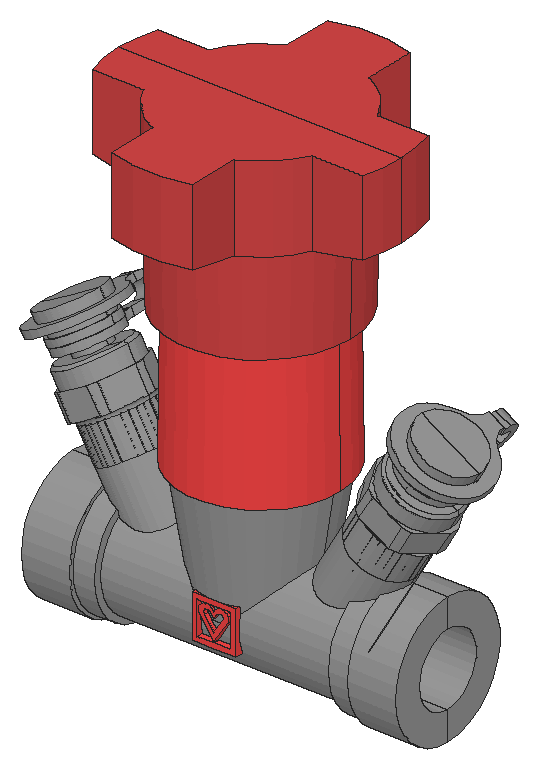
Revit family "HERZ Strömax полиамид, цвет маховика - зеленый 4217 GN", category Rohrzubehör, Revit 2021
Family settings
  Bemaßung runder Anschluss = Durchmesser verwenden
  Teiletyp = Unterbricht
  OmniClass-Nummer = 23.65.55.14
  OmniClass-Titel = Valves for Liquid Services
  Arbeitsebenenbasiert = Nein
  Immer vertikal = Ja
  Beim Laden mit Abzugskörper schneiden = Nein
  Gemeinsam genutzt = Nein
Parameters
  Шпиндель = "латунь CW617N"  # constant formula
  Уплотнение шпинделя = "EPDM"  # constant formula
  Среда = "Качество теплоносителя в соответствии с ÖNORM H5195 и VDI 2035.\r\nДопускается использование этилен- и пропиленгликоля в соотношении 25-50 % с водой."
  Положение клапана при монтаже = "Неподнимающийся шпиндель, расположенный перпендикулярно оси клапана, обеспечивает доступность и лёгкость в обслуживании в любом монтажном положении."
  Область применения = "Балансировочные клапаны применяются для гидравлической балансировки систем отопления и охлаждения, регулировки магистральных трубопроводов, стояков, теплообменников, регистров отопления и охлаждения."
  Номер заказа [instance] = size_lookup("4217_GN_", "Artnr", 0, Nennweite)  # 1421771
  Маховик = "полиамид, цвет маховика - красный"  # constant formula
  Макс. рабочее давление = 2500000.0 Pa  # constant formula
  Макс. рабочая температура (с DN40) = 110 °C  # constant formula
  Макс. рабочая температура (до DN32) = 130 °C  # constant formula
  Корпус = "латунь CW602N"  # constant formula
  Исполнение = "STRÖMAX-GN Балансировочный клапан с равнопроцентной пропускной характеристикой, с измерительными клапанами, 1/2′′ – 2′′.\r\nИсполнение с прямым невыдвижным шпинделем, муфта х муфта, латунный корпус без покрытия, уплотнение шпинделя двойным кольцевым уплотнением O-Ring, преднастройка посредством ограничения хода внутреннего шпинделя, шкала настройки находится на корпусе маховика.\r\nДва измерительных клапана расположены рядом с маховиком."
  Измерение перепада давления = "Клапаны STRÖMAX-GN оснащены двумя измерительными клапанами:\r\nс помощью измерительного прибора можно измерить перепад давления и по нему определить текущий расход в зависимости от степени преднастройки.\r\nHERZ Измерительный компьютер (1 8900 05) позволяет напрямую считывать расход (см. руководство к измерительным приборам)."
  Внутренняя резьба = "в соответствии с ISO 7/1"  # constant formula
  kvs-значения [instance] = if(Nennweite = 15.00 mm, 1.14, if(Nennweite = 20.00 mm, 2.38, if(Nennweite = 25.00 mm, 5.24, if(Nennweite = 32.00 mm, 8.6, if(Nennweite = 40.00 mm, 10.49, if(Nennweite = 50.00 mm, 16.78, 0))))))  # 1.14
  W02 = 60.00°  # constant formula
  W01 = 30.00°  # constant formula
  Vorgabe-Ansicht = 0.00 mm
  URL = "www.herz-armaturen.ru"
  SC_NennweiteBerechnet = 0
  SC_Dimension = ""
  SCRNSEQ = "ARM;ARM_TYP=\"STRV\";2"
  SCRNCODE = "05;07;02"  # constant formula
  S02 = 60.00 mm  # constant formula
  S01 [instance] = DN15_DN50  # 92.00 mm
  R01 [instance] = size_lookup("4217_GN_", "R1", 1.00 mm, Nennweite)  # 11.35 mm
  Nennweite [instance] = 15.00 mm
  ML02 [instance] = size_lookup("4217_GN_", "ML2", 1.00 mm, Nennweite)  # 29.70 mm
  ML01 [instance] = size_lookup("4217_GN_", "ML1", 1.00 mm, Nennweite)  # 15.15 mm
  MD01 = 7.40 mm  # constant formula
  L02 [instance] = size_lookup("4217_GN_", "L2", 1.00 mm, Nennweite)  # 10.00 mm
  L01 [instance] = size_lookup("4217_GN_", "L1", 1.00 mm, Nennweite)  # 14.70 mm
  L00 [instance] = size_lookup("4217_GN_", "L", 1.00 mm, Nennweite)  # 78.00 mm
  IG [instance] = Nennweite / 2  # 7.50 mm
  Hersteller = "HERZ Armaturen Ges.m.b.H."  # constant formula
  H01 = 41.50 mm  # constant formula
  H00 [instance] = size_lookup("4217_GN_", "H", 1.00 mm, Nennweite)  # 25.40 mm
  Вес [instance] = if(Nennweite = 15.00 mm, "0.50 kg", if(Nennweite = 20.00 mm, "0.58 kg", if(Nennweite = 25.00 mm, "0.81 kg", if(Nennweite = 32.00 mm, "1.2 kg", if(Nennweite = 40.00 mm, "1.37 kg", if(Nennweite = 50.00 mm, "2.06 kg", "0 kg"))))))  # "0.50 kg"
  GT [instance] = size_lookup("4217_GN_", "GT", 1.00 mm, Nennweite)  # 13.20 mm
  DN50 [instance] = Nennweite = 50.00 mm  # no
  DN40 [instance] = Nennweite = 40.00 mm  # no
  DN32 [instance] = Nennweite = 32.00 mm  # no
  DN25 [instance] = Nennweite = 25.00 mm  # no
  DN20 [instance] = Nennweite = 20.00 mm  # no
  DN15_DN50 [instance] = if(Nennweite = 15.00 mm, 92.00 mm, if(Nennweite = 20.00 mm, 95.00 mm, if(Nennweite = 25.00 mm, 102.00 mm, if(Nennweite = 32.00 mm, 114.00 mm, if(Nennweite = 40.00 mm, 114.00 mm, if(Nennweite = 50.00 mm, 119.00 mm, 0.00 mm))))))  # 92.00 mm
  DN15 [instance] = Nennweite = 15.00 mm  # yes
  D05 = 16.75 mm  # constant formula
  D04 = 16.25 mm  # constant formula
  D03 [instance] = size_lookup("4217_GN_", "D3", 1.00 mm, Nennweite)  # 15.50 mm
  D02 [instance] = size_lookup("4217_GN_", "D2", 1.00 mm, Nennweite)  # 13.50 mm
  D01 [instance] = size_lookup("4217_GN_", "D1", 1.00 mm, Nennweite)  # 12.70 mm
Reference planes
  plane 1 "Mitte (Vorne/hinten)": y = 0
  plane 2: z = 0
  plane 3 "Mitte (Links/rechts)": x = 0
Forms (mm)
  Revolve 1, solid, material "Messing, weicher Gelbton, geschweißt", detail levels fine
    sketch origin (0, 0, 0) x (1, 0, 0) y (0, 0, 1)
      loop
        line (-39, 13.5) -> (-39, 7.5) -> (-25.8, 7.5) -> (-25.8, 0) -> (25.8, 0) -> (25.8, 7.5) -> (39, 7.5) -> (39, 13.5) -> (29, 13.5) -> (29, 12.7) -> (24.3, 12.7) -> (24.3, 11.35) -> (-24.3, 11.35) -> (-24.3, 12.7) -> (-29, 12.7) -> (-29, 13.5) -> (-39, 13.5)
      axis (-39, 0) -> (39, 0)
    angle from 0 to 360
  Revolve 2, solid, material "Messing, weicher Gelbton, geschweißt", detail levels fine
    sketch origin (0, 0, 0) x (1, 0, 0) y (0, 0, 1)
      loop
        line (15.15, 0) -> (30, 25.721) -> (23.591, 29.421) -> (8.741, 3.7) -> (15.15, 0)
      axis (15.15, 0) -> (30, 25.721)
    angle from 0 to 360
  Revolve 3, solid, material "Messing, weicher Gelbton, geschweißt", detail levels fine
    sketch origin (0, 0, 0) x (-1, 0, 0) y (0, 0, 1)
      loop
        line (15.15, 0) -> (30, 25.721) -> (23.591, 29.421) -> (8.741, 3.7) -> (15.15, 0)
      axis (15.15, 0) -> (30, 25.721)
    angle from 0 to 360
  Revolve 4, solid, material "Messing, weicher Gelbton, geschweißt", detail levels fine
    sketch origin (0, 0, 0) x (1, 0, 0) y (0, 0, 1)
      loop
        line (0, 0) -> (0, 25.4) -> (-15.5, 25.4) -> (-11.35, 0) -> (0, 0)
      axis (0, 25.4) -> (0, 0)
    angle from 0 to 360
  Revolve 5, solid, material "Kunsstoff rot", detail levels fine
    sketch origin (0, 0, 0) x (1, 0, 0) y (0, 0, 1)
      loop
        line (0, 25.4) -> (0, 66.9) -> (-16.25, 66.9) -> (-16.75, 25.4) -> (0, 25.4)
      axis (0, 66.9) -> (0, 25.4)
    angle from 0 to 360
Lines and regions (mm)
  model lines, detail levels coarse+medium
    curve 1: line (-39, 0, 13.5) -> (-39, 0, -13.5)
    curve 2: line (-39, 0, -13.5) -> (39, 0, 13.5)
    curve 3: line (39, 0, 13.5) -> (39, 0, -13.5)
    curve 4: line (39, 0, -13.5) -> (-39, 0, 13.5)
    curve 5: line (0, 0, 0) -> (53.116, 0, 92)
    curve 6: line (27.135, 0, 107) -> (79.097, 0, 77)
    curve 7: line (-39, 13.5, 0) -> (-39, -13.5, 0)
    curve 8: line (-39, -13.5, 0) -> (39, 13.5, 0)
    curve 9: line (39, 13.5, 0) -> (39, -13.5, 0)
    curve 10: line (39, -13.5, 0) -> (-39, 13.5, 0)
    curve 11: line (0, 0, 0) -> (53.116, 92, 0)
    curve 12: line (27.135, 107, 0) -> (79.097, 77, 0)
Dimensions and locks
  "IG": Revolve 1 sketch curve to plane 2
  "GT": Revolve 1 sketch curve to Revolve 1 sketch curve  (x2)
  "IG": Revolve 1 sketch curve to Revolve 1 sketch curve
  "D01": Revolve 1 sketch curve to Revolve 1 sketch curve  (x2)
  "L02": Revolve 1 sketch curve to Revolve 1 sketch curve  (x2)
  "D02": Revolve 1 sketch curve to plane 2  (x2)
  equal spacing: Revolve 1 sketch curve, plane 3 "Mitte (Links/rechts)", Revolve 1 sketch curve
  "L00": Revolve 1 sketch curve to Revolve 1 sketch curve
  "R01": nested 1 to plane 1 "Mitte (Vorne/hinten)"
  "ML01": Revolve 2 sketch curve to plane 3 "Mitte (Links/rechts)"
  "ML02": Revolve 2 sketch curve to Revolve 2 sketch curve
  "MD01": Revolve 2 sketch curve to Revolve 2 sketch curve  (x2)
  "ML02": Revolve 3 sketch curve to Revolve 3 sketch curve
  "MD01": Revolve 3 sketch curve to Revolve 3 sketch curve  (x2)
  "ML01": plane 3 "Mitte (Links/rechts)" to Revolve 3 sketch curve
  "D02": curve 4 to plane 2 to curve 2
  "D02": curve 3 to plane 2 to curve 4
  equal spacing: curve 1, plane 3 "Mitte (Links/rechts)", curve 3
  "L00": curve 1 to curve 3
  equal spacing: Revolve 1, curve 5, Revolve 1
  "S01": curve 5 to plane 2
  equal spacing: curve 6, curve 5, curve 6
  "S02": curve 6 to curve 6
  "D02": curve 8 to plane 1 "Mitte (Vorne/hinten)" to curve 10
  "D02": curve 10 to plane 1 "Mitte (Vorne/hinten)" to curve 9
  equal spacing: curve 7, plane 3 "Mitte (Links/rechts)", curve 9
  "L00": curve 7 to curve 9
  equal spacing: curve 7, curve 11, curve 9
  "S01": plane 1 "Mitte (Vorne/hinten)" to curve 11
  equal spacing: curve 12, curve 11, curve 12
  "S02": curve 12 to curve 12
  "R01": Revolve 1 sketch curve to plane 2
  "H00": Revolve 4 sketch curve to plane 2
  "D03": Revolve 4 sketch curve to Revolve 4 sketch curve
  "R01": Revolve 4 sketch curve to Revolve 4 sketch curve
  "L01": Revolve 1 sketch curve to Revolve 1 sketch curve  (x2)
  "H01": Revolve 5 sketch curve to Revolve 5 sketch curve
  "H00": Revolve 5 sketch curve to plane 2
  "D04": Revolve 5 sketch curve to Revolve 5 sketch curve
  "D05": Revolve 5 sketch curve to Revolve 5 sketch curve
  "DN15_DN50": nested 14 to plane 2
  "W01": angle Revolve 2 sketch curve to plane 3 "Mitte (Links/rechts)"  (x2)
  "W01": angle plane 3 "Mitte (Links/rechts)" to Revolve 3 sketch curve  (x2)
  "W02": angle plane 2 to curve 5
  "W02": angle plane 1 "Mitte (Vorne/hinten)" to curve 11
  aligned and locked: level to plane 2
Automatic sketch dimensions
  Revolve 1 sketch curve to level = 0.00 mm  (x2)
  Revolve 1 sketch curve to Revolve 1 sketch curve = 1429.986 mm
  Revolve 1 sketch curve to Revolve 1 sketch curve = 1762.604 mm
  Revolve 2 sketch curve to level = 0.00 mm  (x2)
  Revolve 3 sketch curve to level = 0.00 mm  (x2)
  Revolve 4 sketch curve to level = 0.00 mm
  Revolve 4 sketch curve to plane 3 "Mitte (Links/rechts)" = 0.00 mm  (x2)
  Revolve 4 sketch curve to level = 366.045 mm
  Revolve 4 sketch curve to Revolve 4 sketch curve = 2188.915 mm
  Revolve 5 sketch curve to plane 3 "Mitte (Links/rechts)" = 0.00 mm  (x2)
  Revolve 5 sketch curve to level = 366.045 mm
  Revolve 5 sketch curve to Revolve 5 sketch curve = 2147.415 mm
Nested families
  nested 1: "Herz-Logo-vorne" at (0, -11.35, 0) x (0, 1, 0) z (0, 0, 1), type "Herz-Logo-vorne", detail levels fine
  nested 2: "Messstutzen_Band_Austritt_30Grad_(oben)" at (37.95, 0, 29.878), visible <- "DN50", type "Messstutzen_Band_Austritt_30Grad_(oben)", detail levels fine
    with Schutzkappe yes, Nennweite 0.00 mm, Gewicht 0.00 kg, Bestellnummer 0
  nested 3: "Messstutzen_Band_Eintritt_30Grad_(oben)" at (-37.95, 0, 29.878) x (-1, 0, 0) z (0, 0, 1), visible <- "DN50", type "Messstutzen_Band_Eintritt_30Grad_(oben)", detail levels fine
    with Schutzkappe yes, Nennweite 0.00 mm, Gewicht 0.00 kg, Bestellnummer 0
  nested 4: "Messstutzen_Band_Austritt_30Grad_(oben)" at (21.25, 0, 10.566), visible <- "DN15", type "Messstutzen_Band_Austritt_30Grad_(oben)", detail levels fine
    with Schutzkappe yes, Nennweite 0.00 mm, Gewicht 0.00 kg, Bestellnummer 0
  nested 5: "Messstutzen_Band_Eintritt_30Grad_(oben)" at (-21.25, 0, 10.566) x (-1, 0, 0) z (0, 0, 1), visible <- "DN15", type "Messstutzen_Band_Eintritt_30Grad_(oben)", detail levels fine
    with Schutzkappe yes, Nennweite 0.00 mm, Gewicht 0.00 kg, Bestellnummer 0
  nested 6: "Messstutzen_Band_Eintritt_30Grad_(oben)" at (-20.175, 0, 12.601) x (-1, 0, 0) z (0, 0, 1), visible <- "DN20", type "Messstutzen_Band_Eintritt_30Grad_(oben)", detail levels fine
    with Schutzkappe yes, Nennweite 0.00 mm, Gewicht 0.00 kg, Bestellnummer 0
  nested 7: "Messstutzen_Band_Austritt_30Grad_(oben)" at (20.175, 0, 12.601), visible <- "DN20", type "Messstutzen_Band_Austritt_30Grad_(oben)", detail levels fine
    with Schutzkappe yes, Nennweite 0.00 mm, Gewicht 0.00 kg, Bestellnummer 0
  nested 8: "Messstutzen_Band_Eintritt_30Grad_(oben)" at (-21.8, 0, 15.762) x (-1, 0, 0) z (0, 0, 1), visible <- "DN25", type "Messstutzen_Band_Eintritt_30Grad_(oben)", detail levels fine
    with Schutzkappe yes, Nennweite 0.00 mm, Gewicht 0.00 kg, Bestellnummer 0
  nested 9: "Messstutzen_Band_Austritt_30Grad_(oben)" at (21.8, 0, 15.762), visible <- "DN25", type "Messstutzen_Band_Austritt_30Grad_(oben)", detail levels fine
    with Schutzkappe yes, Nennweite 0.00 mm, Gewicht 0.00 kg, Bestellnummer 0
  nested 10: "Messstutzen_Band_Eintritt_30Grad_(oben)" at (-27.95, 0, 20.352) x (-1, 0, 0) z (0, 0, 1), visible <- "DN32", type "Messstutzen_Band_Eintritt_30Grad_(oben)", detail levels fine
    with Schutzkappe yes, Nennweite 0.00 mm, Gewicht 0.00 kg, Bestellnummer 0
  nested 11: "Messstutzen_Band_Austritt_30Grad_(oben)" at (27.95, 0, 20.352), visible <- "DN32", type "Messstutzen_Band_Austritt_30Grad_(oben)", detail levels fine
    with Schutzkappe yes, Nennweite 0.00 mm, Gewicht 0.00 kg, Bestellnummer 0
  nested 12: "Messstutzen_Band_Eintritt_30Grad_(oben)" at (-33.7, 0, 23.729) x (-1, 0, 0) z (0, 0, 1), visible <- "DN40", type "Messstutzen_Band_Eintritt_30Grad_(oben)", detail levels fine
    with Schutzkappe yes, Nennweite 0.00 mm, Gewicht 0.00 kg, Bestellnummer 0
  nested 13: "Messstutzen_Band_Austritt_30Grad_(oben)" at (33.7, 0, 23.729), visible <- "DN40", type "Messstutzen_Band_Austritt_30Grad_(oben)", detail levels fine
    with Schutzkappe yes, Nennweite 0.00 mm, Gewicht 0.00 kg, Bestellnummer 0
  nested 14: "Strangregulierventil-Handrad_(Rot) DN15-DN50" at (0, 0, 54.6), type "Strangregulierventil-Handrad_(Rot) DN15-DN50", detail levels fine
Connectors
  piping at (-25.8, 0, 0), diameter 15, driven by "Nennweite"
    settings: on Revolve 1, index 1, connector inside diameter 609.6 mm, connector length 0.00 mm, flow factor 0, pipe flow 0.0 L/s, pressure drop 0.0 Pa, fitting loss kfactor 0, connector angle 0.00°, fixture units 0, engagement length 0.00 mm, angle of deflection 0.00°, flow configuration 0, flow direction 1, fitting loss method 0, system type 29, joint type 0, gender type 0, connector reference index -1, connector utility 0, adjustable connector no, is connector primary yes, connector description ""
  piping at (25.8, 0, 0), diameter 15, driven by "Nennweite"
    settings: on Revolve 1, index 2, connector inside diameter 609.6 mm, connector length 0.00 mm, flow factor 0, pipe flow 0.0 L/s, pressure drop 0.0 Pa, fitting loss kfactor 0, connector angle 0.00°, fixture units 0, engagement length 0.00 mm, angle of deflection 0.00°, flow configuration 0, flow direction 2, fitting loss method 0, system type 29, joint type 0, gender type 0, connector reference index -1, connector utility 0, adjustable connector no, is connector primary no, connector description ""
Definition of nested family "Herz-Logo-vorne"
  Parameters (values of type "Herz-Logo-vorne")
    Default Elevation = 0.00 mm
  Reference planes
    plane 1 "Mitte (Vorne/hinten)": y = 0
    plane 2: z = 0
    plane 3 "Mitte (Links/rechts)": x = 0
  Forms (mm)
    Extrusion 1, solid
      sketch origin (0.732, -0.018, 0.017) x (0, -1, 0) y (0, 0, 1)
        loop
          line (-0.018, -4.517) -> (4.482, -4.517) -> (4.482, 4.483) -> (-4.518, 4.483) -> (-4.518, -4.517) -> (-0.018, -4.517)
        loop
          line (-0.05, -3.48) -> (3.482, -3.48) -> (3.482, 3.483) -> (-3.518, 3.483) -> (-3.518, -3.48) -> (-0.05, -3.48)
        loop
          arc (-0.018, 2.383) -> (-1.543, 3.287) -> (-3.067, 2.383) r 1.738
          arc (-3.067, 2.383) -> (-3.191, 1.899) -> (-3.067, 1.415) r 1.009
          line (-3.067, 1.415) -> (-0.018, -3.281) -> (3.032, 1.415)
          arc (3.032, 1.415) -> (3.156, 1.899) -> (3.032, 2.383) r 1.009
          arc (3.032, 2.383) -> (1.507, 3.287) -> (-0.018, 2.383) r 1.738
        loop
          arc (1.885, 1.272) -> (2.005, 1.675) -> (1.885, 2.079) r 0.74
          arc (1.885, 2.079) -> (1.265, 2.416) -> (0.644, 2.079) r 0.74
          line (0.644, 2.079) -> (-0.018, 0.97) -> (-0.679, 2.079)
          arc (-0.679, 2.079) -> (-1.3, 2.416) -> (-1.921, 2.079) r 0.74
          arc (-1.921, 2.079) -> (-2.04, 1.675) -> (-1.921, 1.272) r 0.74
          line (-1.921, 1.272) -> (-0.018, -1.658) -> (1.885, 1.272)
      from 0 to 1.5
  Dimensions and locks
    aligned and locked: level to plane 2
Definition of nested family "Messstutzen_Band_Austritt_30Grad_(oben)"
  Parameters (values of type "Messstutzen_Band_Austritt_30Grad_(oben)")
    Default Elevation = 0.00 mm
    URL = "www.herz-armaturen.at"
    Schutzkappe [instance] = yes
    Nennweite [instance] = 0.00 mm
    Manufacturer = "Herz Armaturen GmbH"  # constant formula
    Gewicht [instance] = 0.00 kg
    Bestellnummer [instance] = 0
  Reference planes
    plane 1 "Mitte (Vorne/hinten)": y = 0
    plane 2: z = 0
    plane 3 "Mitte (Links/rechts)": x = 0
  Forms (mm)
    Revolve 1, solid, detail levels fine
      sketch origin (0, 0, 0) x (0.866025, 0, -0.5) y (0.5, 0, 0.866025)
        loop
          line (-7.4, 9) -> (-5.55, 9) -> (-5.55, 6)
          arc (-5.55, 6) -> (-5.626, 5.617) -> (-5.843, 5.293) r 1
          line (-5.843, 5.293) -> (-6.455, 4.681) -> (-6.455, 0.9) -> (-5.555, 0) -> (-2, 0) -> (-2, 17.5) -> (-8.4, 17.5)
          arc (-8.4, 17.5) -> (-7.693, 17.207) -> (-7.4, 16.5) r 1
          line (-7.4, 16.5) -> (-7.4, 9)
        loop
          line (-3.7, 27) -> (-7.3, 27) -> (-7.9, 26.4) -> (-7.9, 23) -> (-2, 23) -> (-2, 35.8) -> (-3.805, 35.8) -> (-4.415, 35.19) -> (-4.415, 30.863) -> (-3.7, 30.45) -> (-3.7, 27)
        axis (0, 0) -> (0, 35.8)
      angle from 0 to 360
    Extrusion 2, solid, detail levels fine
      sketch origin (8.75, 0, 15.155) x (0, 1, 0) y (-0.866025, 0, 0.5)
        loop
          arc (-7.07, 5.156) -> (-7.578, 4.375) -> (-8, 3.544) r 8.75
          line (-8, 3.544) -> (-8, -3.544)
          arc (-8, -3.544) -> (-7.578, -4.375) -> (-7.07, -5.156) r 8.75
          line (-7.07, -5.156) -> (-0.93, -8.7)
          arc (-0.93, -8.7) -> (0, -8.75) -> (0.93, -8.7) r 8.75
          line (0.93, -8.7) -> (7.07, -5.156)
          arc (7.07, -5.156) -> (7.578, -4.375) -> (8, -3.544) r 8.75
          line (8, -3.544) -> (8, 3.544)
          arc (8, 3.544) -> (7.578, 4.375) -> (7.07, 5.156) r 8.75
          line (7.07, 5.156) -> (0.93, 8.7)
          arc (0.93, 8.7) -> (0, 8.75) -> (-0.93, 8.7) r 8.75
          line (-0.93, 8.7) -> (-7.07, 5.156)
      from 0 to 5.5
    Revolve 3, solid, visible <- "Schutzkappe", detail levels fine
      sketch origin (0, 0, 0) x (0.866025, 0, -0.5) y (0.5, 0, 0.866025)
        loop
          line (0, 35.878) -> (0, 36.678) -> (-7, 36.678) -> (-7, 33.378) -> (-6.1, 33.378) -> (-6.1, 31.678) -> (-6.9, 31.678) -> (-6.9, 30.178) -> (-4.415, 30.178) -> (-4.415, 35.268) -> (-3.805, 35.878) -> (0, 35.878)
        axis (0, 30.178) -> (0, 36.678)
      angle from 0 to 360
    Extrusion 4, solid, detail levels fine
      sketch origin (14.25, 0, 24.682) x (0, 1, 0) y (0.866025, 0, -0.5)
        loop
          circle (0, 0) r 3.7
        loop
          arc (5.505, -3.906) -> (7.288, -2.358) -> (9.582, -1.8) r 5
          line (9.582, -1.8) -> (9.582, 1.8)
          arc (9.582, 1.8) -> (7.288, 2.358) -> (5.505, 3.906) r 5
          arc (5.505, 3.906) -> (-6.75, 0) -> (5.505, -3.906) r 6.75
      from 0 to -1.5
    Extrusion 5, solid, detail levels fine
      sketch origin (16.589, 0, 28.733) x (0, 1, 0) y (0.866025, 0, -0.5)
        loop
          circle (0, 0) r 6.1
        loop
          arc (8.652, -4.495) -> (10.493, -2.527) -> (13.089, -1.8) r 5
          line (13.089, -1.8) -> (13.089, 1.8)
          arc (13.089, 1.8) -> (10.493, 2.527) -> (8.652, 4.495) r 5
          arc (8.652, 4.495) -> (-9.75, 0) -> (8.652, -4.495) r 9.75
      from 0 to -1.5
    Sweep 6, solid, detail levels fine
      path origin (1.029, 0.159, 0.98) x (-0.5, 0, -0.866025) y (0, 1, 0)
        loop
          line (-27.75, 9.582) -> (-27.75, 14.522)
          arc (-27.75, 14.522) -> (-30.089, 16.862) -> (-32.428, 14.522) r 2.339
          line (-32.428, 14.522) -> (-32.428, 13.089)
      profile origin (14.904, 12.211, 25.012) x (0.5, 0, 0.866025) y (0.866025, 0, -0.5)
        loop
          line (-0.75, -1.8) -> (0.75, -1.8) -> (0.75, 1.8) -> (-0.75, 1.8) -> (-0.75, -1.8)
  Dimensions and locks
    aligned and locked: level to plane 2
Definition of nested family "Messstutzen_Band_Eintritt_30Grad_(oben)"
  Parameters (values of type "Messstutzen_Band_Eintritt_30Grad_(oben)")
    Default Elevation = 0.00 mm
    URL = "www.herz-armaturen.at"
    Schutzkappe [instance] = yes
    Nennweite [instance] = 0.00 mm
    Manufacturer = "Herz Armaturen GmbH"  # constant formula
    Gewicht [instance] = 0.00 kg
    Bestellnummer [instance] = 0
  Reference planes
    plane 1 "Mitte (Vorne/hinten)": y = 0
    plane 2: z = 0
    plane 3 "Mitte (Links/rechts)": x = 0
  Forms (mm)
    Revolve 1, solid, detail levels fine
      sketch origin (0, 0, 0) x (0.866025, 0, -0.5) y (0.5, 0, 0.866025)
        loop
          line (-7.4, 9) -> (-5.55, 9) -> (-5.55, 6)
          arc (-5.55, 6) -> (-5.626, 5.617) -> (-5.843, 5.293) r 1
          line (-5.843, 5.293) -> (-6.455, 4.681) -> (-6.455, 0.9) -> (-5.555, 0) -> (-2, 0) -> (-2, 17.5) -> (-8.4, 17.5)
          arc (-8.4, 17.5) -> (-7.693, 17.207) -> (-7.4, 16.5) r 1
          line (-7.4, 16.5) -> (-7.4, 9)
        loop
          line (-3.7, 27) -> (-7.3, 27) -> (-7.9, 26.4) -> (-7.9, 23) -> (-2, 23) -> (-2, 35.8) -> (-3.805, 35.8) -> (-4.415, 35.19) -> (-4.415, 30.863) -> (-3.7, 30.45) -> (-3.7, 27)
        axis (0, 0) -> (0, 35.8)
      angle from 0 to 360
    Extrusion 2, solid, detail levels fine
      sketch origin (8.75, 0, 15.155) x (0, 1, 0) y (-0.866025, 0, 0.5)
        loop
          arc (-7.07, 5.156) -> (-7.578, 4.375) -> (-8, 3.544) r 8.75
          line (-8, 3.544) -> (-8, -3.544)
          arc (-8, -3.544) -> (-7.578, -4.375) -> (-7.07, -5.156) r 8.75
          line (-7.07, -5.156) -> (-0.93, -8.7)
          arc (-0.93, -8.7) -> (0, -8.75) -> (0.93, -8.7) r 8.75
          line (0.93, -8.7) -> (7.07, -5.156)
          arc (7.07, -5.156) -> (7.578, -4.375) -> (8, -3.544) r 8.75
          line (8, -3.544) -> (8, 3.544)
          arc (8, 3.544) -> (7.578, 4.375) -> (7.07, 5.156) r 8.75
          line (7.07, 5.156) -> (0.93, 8.7)
          arc (0.93, 8.7) -> (0, 8.75) -> (-0.93, 8.7) r 8.75
          line (-0.93, 8.7) -> (-7.07, 5.156)
      from 0 to 5.5
    Revolve 3, solid, visible <- "Schutzkappe", detail levels fine
      sketch origin (0, 0, 0) x (0.866025, 0, -0.5) y (0.5, 0, 0.866025)
        loop
          line (0, 35.878) -> (0, 36.678) -> (-7, 36.678) -> (-7, 33.378) -> (-6.1, 33.378) -> (-6.1, 31.678) -> (-6.9, 31.678) -> (-6.9, 30.178) -> (-4.415, 30.178) -> (-4.415, 35.268) -> (-3.805, 35.878) -> (0, 35.878)
        axis (0, 30.178) -> (0, 36.678)
      angle from 0 to 360
    Extrusion 4, solid, detail levels fine
      sketch origin (14.25, 0, 24.682) x (0, 1, 0) y (0.866025, 0, -0.5)
        loop
          circle (0, 0) r 3.7
        loop
          arc (5.505, -3.906) -> (7.288, -2.358) -> (9.582, -1.8) r 5
          line (9.582, -1.8) -> (9.582, 1.8)
          arc (9.582, 1.8) -> (7.288, 2.358) -> (5.505, 3.906) r 5
          arc (5.505, 3.906) -> (-6.75, 0) -> (5.505, -3.906) r 6.75
      from 0 to -1.5
    Extrusion 5, solid, detail levels fine
      sketch origin (16.589, 0, 28.733) x (0, 1, 0) y (0.866025, 0, -0.5)
        loop
          circle (0, 0) r 6.1
        loop
          arc (8.652, -4.495) -> (10.493, -2.527) -> (13.089, -1.8) r 5
          line (13.089, -1.8) -> (13.089, 1.8)
          arc (13.089, 1.8) -> (10.493, 2.527) -> (8.652, 4.495) r 5
          arc (8.652, 4.495) -> (-9.75, 0) -> (8.652, -4.495) r 9.75
      from 0 to -1.5
    Sweep 6, solid, detail levels fine
      path origin (0.933, -0.183, 1.116) x (-0.5, 0, -0.866025) y (0, 1, 0)
        loop
          line (-27.75, 9.582) -> (-27.75, 14.522)
          arc (-27.75, 14.522) -> (-30.089, 16.862) -> (-32.428, 14.522) r 2.339
          line (-32.428, 14.522) -> (-32.428, 13.089)
      profile origin (14.808, 11.869, 25.148) x (0.5, 0, 0.866025) y (0.866025, 0, -0.5)
        loop
          line (-0.75, -1.8) -> (0.75, -1.8) -> (0.75, 1.8) -> (-0.75, 1.8) -> (-0.75, -1.8)
  Dimensions and locks
    aligned and locked: level to plane 2
Definition of nested family "Strangregulierventil-Handrad_(Rot) DN15-DN50"
  Parameters (values of type "Strangregulierventil-Handrad_(Rot) DN15-DN50")
    Default Elevation = 0.00 mm
  Reference planes
    plane 1 "Mitte (Vorne/hinten)": y = 0
    plane 2: z = 0
    plane 3 "Mitte (Links/rechts)": x = 0
  Forms (mm)
    Revolve 1, solid, detail levels fine
      sketch origin (0, 0, 0) x (1, 0, 0) y (0, 0, 1)
        loop
          line (0, 0) -> (0, 37.4) -> (-29.4, 37.4) -> (-29.4, 21.6) -> (-19.25, 19.5) -> (-18.9, 0) -> (0, 0)
        axis (0, 37.4) -> (0, 0)
      angle from 0 to 360
    Extrusion 2, void
      sketch origin (0, 0, 0) x (1, 0, 0) y (0, 1, 0)
        loop
          arc (-8.5, 17.528) -> (-13.774, 13.774) -> (-17.528, 8.5) r 19.48
          line (-17.528, 8.5) -> (-28.144, 8.5)
          arc (-28.144, 8.5) -> (-29.4, 0) -> (-28.144, -8.5) r 29.4
          line (-28.144, -8.5) -> (-17.528, -8.5)
          arc (-17.528, -8.5) -> (-13.774, -13.774) -> (-8.5, -17.528) r 19.48
          line (-8.5, -17.528) -> (-8.5, -28.144)
          arc (-8.5, -28.144) -> (0, -29.4) -> (8.5, -28.144) r 29.4
          line (8.5, -28.144) -> (8.5, -17.528)
          arc (8.5, -17.528) -> (13.774, -13.774) -> (17.528, -8.5) r 19.48
          line (17.528, -8.5) -> (28.144, -8.5)
          arc (28.144, -8.5) -> (29.4, 0) -> (28.144, 8.5) r 29.4
          line (28.144, 8.5) -> (17.528, 8.5)
          arc (17.528, 8.5) -> (13.774, 13.774) -> (8.5, 17.528) r 19.48
          line (8.5, 17.528) -> (8.5, 28.144)
          arc (8.5, 28.144) -> (0, 29.4) -> (-8.5, 28.144) r 29.4
          line (-8.5, 28.144) -> (-8.5, 17.528)
        loop
          circle (0, 0) r 33
      from 17.15 to 46.765
  Cuts and joins
    Extrusion 2 cuts Revolve 1
  Dimensions and locks
    aligned and locked: level to plane 2
